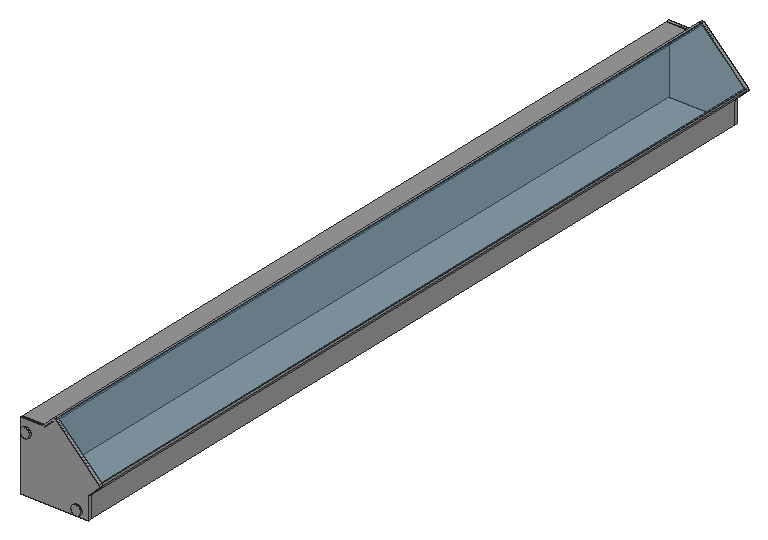
Revit family "ALS250T-4RF", category Lighting Fixtures, Revit 2017
Family settings
  Round Connector Dimension = Use Diameter
  Part Type = Normal
  OmniClass Number = 23.80.70.00
  OmniClass Title = Lighting
  Work Plane-Based = No
  Always vertical = Yes
  Cut with Voids When Loaded = No
  Light Source = Yes
  Shared = No
  Room Calculation Point = No
Parameters (values of type "ALS250T")
  Wattage = 12.1178 W
  built-in parameter 1150110 = 1 (stored number, unit not read)
  built-in parameter 1114217 = 1 (stored number, unit not read)
  Tilt Angle = 60.00°
  built-in parameter 1150109 = 1 (stored number, unit not read)
  built-in parameter 1150134 = (empty or 0)
  built-in parameter 1150113 = 1 (stored number, unit not read)
  Photometric Web File = "generic"
  built-in parameter 1150142 = (empty or 0)
  Lumens = 1800 lm
  built-in parameter 1150115 = 1 (stored number, unit not read)
  built-in parameter 1150105 = 143.24 (stored number, unit not read)
  built-in parameter 1150137 = (empty or 0)
  built-in parameter 1150139 = (empty or 0)
  Length = 24.00"
  built-in parameter 1150112 = 1 (stored number, unit not read)
  built-in parameter 1150114 = 1 (stored number, unit not read)
  built-in parameter 1150132 = 2
  built-in parameter 1150102 = (empty or 0)
  built-in parameter 1150138 = (empty or 0)
  built-in parameter 1150107 = 3000 (stored number, unit not read)
  built-in parameter 1150106 = 1.4324 (stored number, unit not read)
  Fixture Cap = Fixture Cap
  Fixture = Fixture
  Emit from Line Length = Length  # 24.00"
  built-in parameter 1150104 = 13.8 (stored number, unit not read)
  Dimming Lamp Color Temperature Shift = <None>
  Color Filter = 16777215
  built-in parameter 1114218 = 1 (stored number, unit not read)
  built-in parameter 1150133 = 10 (stored number, unit not read)
Reference planes (in)
  plane 1 "Light Source Axis (F/B)": y = 0
  plane 2: z = 0
  plane 3 "Light Source Axis (L/R)": x = 0
  plane 4 "Light Source Elevation": z = 1.73963
  plane 5: y = 12.08
  plane 6: y = -12.08
  plane 7: y = 12
  plane 8: y = -12
  plane 9: y = -12.112
  plane 10: y = 12.112
Forms (in)
  Extrusion 1, solid, material "Fixture Cap" <- "Fixture Cap"
    sketch origin (-12.00127, 0, 7.05589) x (0, 0, -1) y (1, 0, 0)
      loop
        line (7.05589, 12.00127) -> (7.05589, 14.04127) -> (6.40589, 14.04127) -> (6.07589, 14.37127) -> (6.0005, 14.37127) -> (4.68589, 13.05666) -> (4.68589, 12.98517) -> (5.01589, 12.65517) -> (5.01589, 12.00127) -> (7.05589, 12.00127)
    from 12 to 12.08
  Extrusion 2, solid, material "Fixture Cap" <- "Fixture Cap"
    sketch origin (0, 0, 2.37) x (0, 0, -1) y (1, 0, 0)
      loop
        circle (0.67006, 0.16604) r 0.14271
      loop
        circle (2.21107, 1.68509) r 0.14271
    from 12.112 to 12.08
  Extrusion 3, solid, material "Fixture Cap" <- "Fixture Cap"
    sketch origin (-12.00127, 0, 7.05589) x (0, 0, -1) y (-1, 0, 0)
      loop
        line (7.05589, -12.00127) -> (5.01589, -12.00127) -> (5.01589, -12.65517) -> (4.68589, -12.98517) -> (4.68589, -13.05666) -> (6.0005, -14.37127) -> (6.07589, -14.37127) -> (6.40589, -14.04127) -> (7.05589, -14.04127) -> (7.05589, -12.00127)
    from 12 to 12.08
  Extrusion 4, solid, material "Fixture Cap" <- "Fixture Cap"
    sketch origin (0, 0, 2.37) x (0, 0, -1) y (-1, 0, 0)
      loop
        circle (0.67006, -0.16604) r 0.14271
      loop
        circle (2.21107, -1.68509) r 0.14271
    from 12.112 to 12.08
  Extrusion 5, solid, material "Fixture" <- "Fixture"
    sketch origin (0, 0, 2.37) x (0, 0, -1) y (1, 0, 0)
      loop
        line (1.72, 2.04) -> (1.39, 2.37) -> (1.31461, 2.37) -> (1.31461, 2.32) -> (1.36929, 2.32) -> (1.69929, 1.99) -> (2.32, 1.99) -> (2.32, 0.05) -> (0.38, 0.05) -> (0.38, 0.67462) -> (0.05, 1.00462) -> (0.05, 1.05539) -> (0, 1.05539) -> (0, 0.98391) -> (0.33, 0.65391) -> (0.33, 0) -> (2.37, 0) -> (2.37, 2.04) -> (1.72, 2.04)
    from -12 to 12
  Extrusion 6, solid, material "Glass"
    sketch origin (0, 0, 2.37) x (0, 0, -1) y (1, 0, 0)
      loop
        line (1.31461, 2.37) -> (0, 1.05539) -> (0.05, 1.05539) -> (1.31461, 2.32) -> (1.31461, 2.37)
    from -12 to 12
Lines and regions (in)
  model lines
    curve 1: arc (0.16604, -12.112, 1.55723) -> (0.30875, -12.112, 1.69994) -> (0.16604, -12.112, 1.84265) r 0.14271
    curve 2: line (0.25566, -12.112, 1.75172) -> (0.19695, -12.112, 1.69301)
    curve 3: line (0.19695, -12.112, 1.69301) -> (0.25354, -12.112, 1.63642)
    curve 4: line (0.25354, -12.112, 1.63642) -> (0.22286, -12.112, 1.60574)
    curve 5: line (0.22286, -12.112, 1.60574) -> (0.16627, -12.112, 1.66233)
    curve 6: line (0.16627, -12.112, 1.66233) -> (0.11232, -12.112, 1.60838)
    curve 7: line (0.11232, -12.112, 1.60838) -> (0.08359, -12.112, 1.63711)
    curve 8: line (0.08359, -12.112, 1.63711) -> (0.13754, -12.112, 1.69106)
    curve 9: line (0.13754, -12.112, 1.69106) -> (0.07772, -12.112, 1.75088)
    curve 10: line (0.07772, -12.112, 1.75088) -> (0.1084, -12.112, 1.78156)
    curve 11: line (0.1084, -12.112, 1.78156) -> (0.16604, -12.112, 1.72392)
    curve 12: line (0.16604, -12.112, 1.72392) -> (0.22475, -12.112, 1.78263)
    curve 13: line (0.22475, -12.112, 1.78263) -> (0.25566, -12.112, 1.75172)
    curve 14: line (1.77233, -12.112, 0.21459) -> (1.71361, -12.112, 0.15588)
    curve 15: line (1.71361, -12.112, 0.15588) -> (1.77021, -12.112, 0.09928)
    curve 16: line (1.77021, -12.112, 0.09928) -> (1.73953, -12.112, 0.0686)
    curve 17: line (1.73953, -12.112, 0.0686) -> (1.68294, -12.112, 0.1252)
    curve 18: line (1.68294, -12.112, 0.1252) -> (1.62899, -12.112, 0.07125)
    curve 19: line (1.62899, -12.112, 0.07125) -> (1.60026, -12.112, 0.09997)
    curve 20: line (1.60026, -12.112, 0.09997) -> (1.65421, -12.112, 0.15393)
    curve 21: line (1.65421, -12.112, 0.15393) -> (1.59439, -12.112, 0.21374)
    curve 22: line (1.59439, -12.112, 0.21374) -> (1.62507, -12.112, 0.24442)
    curve 23: line (1.62507, -12.112, 0.24442) -> (1.68271, -12.112, 0.18678)
    curve 24: line (1.68271, -12.112, 0.18678) -> (1.74142, -12.112, 0.24549)
    curve 25: line (1.74142, -12.112, 0.24549) -> (1.77233, -12.112, 0.21459)
    curve 26: line (0.25566, 12.112, 1.75172) -> (0.19695, 12.112, 1.69301)
    curve 27: line (0.19695, 12.112, 1.69301) -> (0.25354, 12.112, 1.63642)
    curve 28: line (0.25354, 12.112, 1.63642) -> (0.22286, 12.112, 1.60574)
    curve 29: line (0.22286, 12.112, 1.60574) -> (0.16627, 12.112, 1.66233)
    curve 30: line (0.16627, 12.112, 1.66233) -> (0.11232, 12.112, 1.60838)
    curve 31: line (0.11232, 12.112, 1.60838) -> (0.08359, 12.112, 1.63711)
    curve 32: line (0.08359, 12.112, 1.63711) -> (0.13754, 12.112, 1.69106)
    curve 33: line (0.13754, 12.112, 1.69106) -> (0.07772, 12.112, 1.75088)
    curve 34: line (0.07772, 12.112, 1.75088) -> (0.1084, 12.112, 1.78156)
    curve 35: line (0.1084, 12.112, 1.78156) -> (0.16604, 12.112, 1.72392)
    curve 36: line (0.16604, 12.112, 1.72392) -> (0.22475, 12.112, 1.78263)
    curve 37: line (0.22475, 12.112, 1.78263) -> (0.25566, 12.112, 1.75172)
    curve 38: line (1.77233, 12.112, 0.21459) -> (1.71361, 12.112, 0.15588)
    curve 39: line (1.71361, 12.112, 0.15588) -> (1.77021, 12.112, 0.09928)
    curve 40: line (1.77021, 12.112, 0.09928) -> (1.73953, 12.112, 0.0686)
    curve 41: line (1.73953, 12.112, 0.0686) -> (1.68294, 12.112, 0.1252)
    curve 42: line (1.68294, 12.112, 0.1252) -> (1.62899, 12.112, 0.07125)
    curve 43: line (1.62899, 12.112, 0.07125) -> (1.60026, 12.112, 0.09997)
    curve 44: line (1.60026, 12.112, 0.09997) -> (1.65421, 12.112, 0.15393)
    curve 45: line (1.65421, 12.112, 0.15393) -> (1.59439, 12.112, 0.21374)
    curve 46: line (1.59439, 12.112, 0.21374) -> (1.62507, 12.112, 0.24442)
    curve 47: line (1.62507, 12.112, 0.24442) -> (1.68271, 12.112, 0.18678)
    curve 48: line (1.68271, 12.112, 0.18678) -> (1.74142, 12.112, 0.24549)
    curve 49: line (1.74142, 12.112, 0.24549) -> (1.77233, 12.112, 0.21459)
Dimensions and locks (in)
  equal spacing: plane 5, plane 1 "Light Source Axis (F/B)", plane 6
  locked: plane 8 to plane 6 at 0.08
  locked: plane 5 to plane 7 at 0.08
  locked: plane 6 to plane 9 at 0.032
  locked: plane 10 to plane 5 at 0.032
  "Emit from Line Length": plane 7 to plane 8
  aligned and locked: plane 1 "Light Source Axis (F/B)" to imposter light
  aligned and locked: plane 4 "Light Source Elevation" to imposter light
  aligned and locked: level to plane 2
  aligned and locked: Extrusion 1 to plane 6
  aligned and locked: plane 8 to Extrusion 1
  aligned and locked: plane 5 to Extrusion 3
  aligned and locked: Extrusion 3 to plane 7
  aligned and locked: plane 7 to Extrusion 6
  aligned and locked: Extrusion 6 to plane 8
  aligned and locked: Extrusion 5 to plane 8
  aligned and locked: plane 7 to Extrusion 5
  aligned and locked: Extrusion 2 to plane 9
  aligned and locked: plane 6 to Extrusion 2
  aligned and locked: plane 10 to Extrusion 4
  aligned and locked: Extrusion 4 to plane 5
Automatic sketch dimensions
  Extrusion 1 sketch curve to plane 3 "Light Source Axis (L/R)" = 0.00"
  Extrusion 1 sketch curve to level = 0.00"
  Extrusion 1 sketch curve to Extrusion 1 sketch curve = 0.65"
  Extrusion 1 sketch curve to Extrusion 1 sketch curve = 0.33"  (x4)
  Extrusion 1 sketch curve to Extrusion 1 sketch curve = 0.07539"
  level to Extrusion 1 sketch curve = 2.04"
  plane 3 "Light Source Axis (L/R)" to Extrusion 1 sketch curve = 0.65391"
  Extrusion 1 sketch curve to Extrusion 1 sketch curve = 0.07148"
  Extrusion 1 sketch curve to Extrusion 1 sketch curve = 2.04"
  plane 3 "Light Source Axis (L/R)" to Extrusion 2 sketch curve = 0.16604"
  level to Extrusion 2 sketch curve = 1.69994"
  level to Extrusion 2 sketch curve = 0.15893"
  plane 3 "Light Source Axis (L/R)" to Extrusion 2 sketch curve = 1.68509"
  Extrusion 3 sketch curve to plane 3 "Light Source Axis (L/R)" = 0.00"
  Extrusion 3 sketch curve to level = 0.00"
  Extrusion 3 sketch curve to Extrusion 3 sketch curve = 0.65"
  Extrusion 3 sketch curve to Extrusion 3 sketch curve = 0.33"  (x4)
  Extrusion 3 sketch curve to Extrusion 3 sketch curve = 0.07539"
  level to Extrusion 3 sketch curve = 2.04"
  plane 3 "Light Source Axis (L/R)" to Extrusion 3 sketch curve = 0.65391"
  Extrusion 3 sketch curve to Extrusion 3 sketch curve = 0.07148"
  Extrusion 3 sketch curve to Extrusion 3 sketch curve = 2.04"
  plane 3 "Light Source Axis (L/R)" to Extrusion 4 sketch curve = 0.16604"
  level to Extrusion 4 sketch curve = 1.69994"
  level to Extrusion 4 sketch curve = 0.15893"
  plane 3 "Light Source Axis (L/R)" to Extrusion 4 sketch curve = 1.68509"
  Extrusion 5 sketch curve to plane 3 "Light Source Axis (L/R)" = 0.00"
  Extrusion 5 sketch curve to level = 0.00"
  level to Extrusion 5 sketch curve = 0.05"
  Extrusion 5 sketch curve to Extrusion 5 sketch curve = 0.60"
  Extrusion 5 sketch curve to Extrusion 5 sketch curve = 0.02071"  (x4)
  Extrusion 5 sketch curve to Extrusion 5 sketch curve = 0.33"  (x2)
  Extrusion 5 sketch curve to Extrusion 5 sketch curve = 0.05468"
  plane 3 "Light Source Axis (L/R)" to Extrusion 5 sketch curve = 0.05"
  Extrusion 5 sketch curve to Extrusion 5 sketch curve = 1.94"
  Extrusion 5 sketch curve to Extrusion 5 sketch curve = 0.05"  (x4)
  Extrusion 5 sketch curve to Extrusion 5 sketch curve = 0.28"  (x2)
  Extrusion 5 sketch curve to Extrusion 5 sketch curve = 0.60391"
  Extrusion 5 sketch curve to Extrusion 5 sketch curve = 0.05077"
  Extrusion 5 sketch curve to Extrusion 5 sketch curve = 1.31538"
  plane 3 "Light Source Axis (L/R)" to Extrusion 6 sketch curve = 1.05539"
  level to Extrusion 6 sketch curve = 2.37"
  Extrusion 6 sketch curve to Extrusion 6 sketch curve = 0.05"  (x2)
  level to Extrusion 6 sketch curve = 1.05539"
  Extrusion 6 sketch curve to Extrusion 6 sketch curve = 1.26461"
  curve 1 to curve 12 = 0.06002"
  curve 1 to curve 10 = 0.06109"
  curve 12 to curve 13 = 0.03091"
  curve 10 to curve 10 = 0.03068"
  curve 12 to curve 1 = 0.02398"
  curve 1 to curve 3 = 0.00693"
  curve 1 to curve 9 = 0.00888"
  curve 1 to curve 6 = 0.0376"
  curve 8 to curve 7 = 0.05395"
  curve 2 to curve 4 = 0.0566"
  curve 7 to curve 6 = 0.02873"
  curve 3 to curve 24 = 1.39093"
  curve 24 to curve 23 = 0.00107"
  curve 24 to curve 25 = 0.03091"
  curve 22 to curve 22 = 0.03068"
  curve 22 to curve 24 = 0.05764"
  curve 23 to curve 14 = 0.03091"
  curve 23 to curve 21 = 0.03285"
  curve 20 to curve 18 = 0.02873"
  curve 20 to curve 19 = 0.05395"
  curve 14 to curve 16 = 0.0566"
  curve 19 to curve 19 = 0.02873"
  curve 11 to curve 1 = 0.00"
  curve 9 to curve 1 = 0.0285"
  curve 4 to curve 22 = 1.37153"
  curve 21 to curve 19 = 0.00587"
  curve 36 to curve 34 = 0.00107"
  curve 36 to curve 37 = 0.03091"
  curve 34 to curve 33 = 0.03068"
  curve 34 to curve 36 = 0.05764"
  curve 35 to curve 26 = 0.03091"
  curve 35 to curve 33 = 0.03285"
  curve 32 to curve 30 = 0.02873"
  curve 32 to curve 32 = 0.05395"
  curve 26 to curve 27 = 0.0566"
  curve 31 to curve 31 = 0.02873"
  curve 27 to curve 49 = 1.39093"
  curve 48 to curve 47 = 0.00107"
  curve 48 to curve 38 = 0.03091"
  curve 47 to curve 46 = 0.03068"
  curve 47 to curve 47 = 0.05764"
  curve 48 to curve 39 = 0.03091"
  curve 48 to curve 45 = 0.03285"
  curve 45 to curve 41 = 0.02873"
  curve 45 to curve 43 = 0.05395"
  curve 38 to curve 39 = 0.0566"
  curve 43 to curve 42 = 0.02873"
  curve 38 to curve 39 = 0.00212"
  curve 46 to curve 37 = 1.36941"
  curve 37 to curve 27 = 0.00212"
  radius of Extrusion 2 sketch curve = 0.14271"  (x2)
  radius of Extrusion 4 sketch curve = 0.14271"  (x2)
  radius of curve 1 to Extrusion 2 = 0.00"
